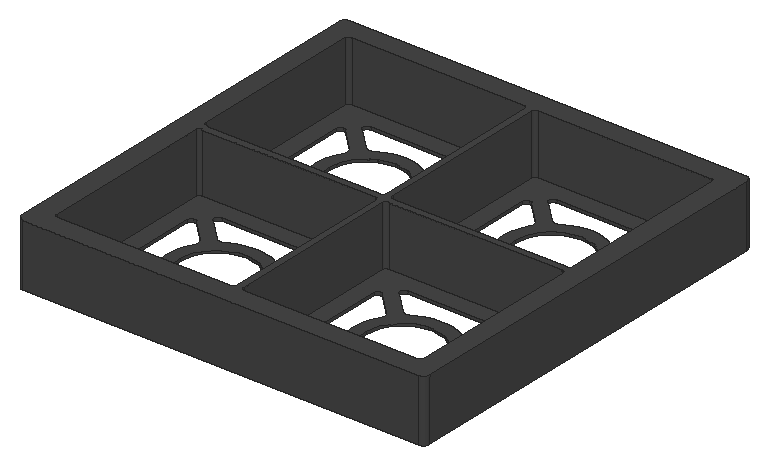
Revit family "ECORASTER Bloxx_without_blocks", category Allgemeines Modell, Revit 2016
Family settings
  Teiletyp = Normal
  Kann Basisbauteil für Bewehrung sein = Nein
  Bemaßung runder Anschluss = Durchmesser verwenden
  Arbeitsebenenbasiert = Nein
  Immer vertikal = Ja
  Beim Laden mit Abzugskörper schneiden = Nein
  Gemeinsam genutzt = Nein
  Raumberechnungspunkt = Nein
Parameters
  block_material = Mat_white
Reference planes
  plane 1 "Center (Front/Back)": y = 0
  plane 2: z = 0
  plane 3 "Center (Left/Right)": x = 0
Forms (mm)
  Extrusion 1, solid, material "Black", detail levels fine
    sketch origin (0, 0, 0) x (1, 0, 0) y (0, 1, 0)
      loop
        spline (-145.384, 148.384) -> (-145.776, 148.358) -> (-146.161, 148.282) -> (-146.532, 148.156) -> (-146.884, 147.982) -> (-147.211, 147.764) -> (-147.506, 147.506) -> (-147.764, 147.211) -> (-147.982, 146.884) -> (-148.156, 146.532) -> (-148.282, 146.161) -> (-148.358, 145.776) -> (-148.384, 145.384)
        line (-148.384, 145.384) -> (-148.384, 5.474)
        arc (-148.384, 5.474) -> (-147.505, 3.353) -> (-145.384, 2.474) r 3
        line (-145.384, 2.474) -> (-5.474, 2.474)
        arc (-5.474, 2.474) -> (-3.353, 3.353) -> (-2.474, 5.474) r 3
        line (-2.474, 5.474) -> (-2.474, 145.384)
        arc (-2.474, 145.384) -> (-3.353, 147.505) -> (-5.474, 148.384) r 3
        line (-5.474, 148.384) -> (-145.384, 148.384)
      loop
        line (145.384, 148.384) -> (5.474, 148.384)
        arc (5.474, 148.384) -> (3.353, 147.505) -> (2.474, 145.384) r 3
        line (2.474, 145.384) -> (2.474, 5.474)
        arc (2.474, 5.474) -> (3.353, 3.353) -> (5.474, 2.474) r 3
        line (5.474, 2.474) -> (145.384, 2.474)
        arc (145.384, 2.474) -> (147.505, 3.353) -> (148.384, 5.474) r 3
        line (148.384, 5.474) -> (148.384, 145.384)
        spline (148.384, 145.384) -> (148.358, 145.776) -> (148.282, 146.161) -> (148.156, 146.532) -> (147.982, 146.884) -> (147.764, 147.211) -> (147.506, 147.506) -> (147.211, 147.764) -> (146.884, 147.982) -> (146.532, 148.156) -> (146.161, 148.282) -> (145.776, 148.358) -> (145.384, 148.384)
      loop
        line (-145.384, -148.384) -> (-5.474, -148.384)
        arc (-5.474, -148.384) -> (-3.353, -147.505) -> (-2.474, -145.384) r 3
        line (-2.474, -145.384) -> (-2.474, -5.474)
        arc (-2.474, -5.474) -> (-3.353, -3.353) -> (-5.474, -2.474) r 3
        line (-5.474, -2.474) -> (-145.384, -2.474)
        arc (-145.384, -2.474) -> (-147.505, -3.353) -> (-148.384, -5.474) r 3
        line (-148.384, -5.474) -> (-148.384, -145.384)
        spline (-148.384, -145.384) -> (-148.358, -145.776) -> (-148.282, -146.161) -> (-148.156, -146.532) -> (-147.982, -146.884) -> (-147.764, -147.211) -> (-147.506, -147.506) -> (-147.211, -147.764) -> (-146.884, -147.982) -> (-146.532, -148.156) -> (-146.161, -148.282) -> (-145.776, -148.358) -> (-145.384, -148.384)
      loop
        spline (145.384, -148.384) -> (145.776, -148.358) -> (146.161, -148.282) -> (146.532, -148.156) -> (146.884, -147.982) -> (147.211, -147.764) -> (147.506, -147.506) -> (147.764, -147.211) -> (147.982, -146.884) -> (148.156, -146.532) -> (148.282, -146.161) -> (148.358, -145.776) -> (148.384, -145.384)
        line (148.384, -145.384) -> (148.384, -5.474)
        arc (148.384, -5.474) -> (147.505, -3.353) -> (145.384, -2.474) r 3
        line (145.384, -2.474) -> (5.474, -2.474)
        arc (5.474, -2.474) -> (3.353, -3.353) -> (2.474, -5.474) r 3
        line (2.474, -5.474) -> (2.474, -145.384)
        arc (2.474, -145.384) -> (3.353, -147.505) -> (5.474, -148.384) r 3
        line (5.474, -148.384) -> (145.384, -148.384)
      loop
        line (160, 165) -> (-160, 165)
        arc (-160, 165) -> (-163.536, 163.536) -> (-165, 160) r 5
        line (-165, 160) -> (-165, -160)
        arc (-165, -160) -> (-163.536, -163.536) -> (-160, -165) r 5
        line (-160, -165) -> (160, -165)
        arc (160, -165) -> (163.536, -163.536) -> (165, -160) r 5
        line (165, -160) -> (165, 160)
        arc (165, 160) -> (163.536, 163.536) -> (160, 165) r 5
    from 0 to 50
  Extrusion 2, solid, material "Black", detail levels fine
    sketch origin (0, 0, 0) x (1, 0, 0) y (0, 1, 0)
      loop
        arc (-54.55, 109.477) -> (-50.722, 108.655) -> (-47.202, 110.369) r 6
        line (-47.202, 110.369) -> (-30.523, 127.048)
        spline (-30.523, 127.048) -> (-30.081, 127.584) -> (-29.752, 128.191) -> (-29.548, 128.848) -> (-29.476, 129.529) -> (-29.54, 130.209) -> (-29.736, 130.861) -> (-30.058, 131.461) -> (-30.494, 131.986) -> (-31.026, 132.417) -> (-31.635, 132.737) -> (-32.297, 132.934) -> (-32.989, 133)
        line (-32.989, 133) -> (-117.511, 133)
        spline (-117.511, 133) -> (-118.203, 132.934) -> (-118.865, 132.737) -> (-119.474, 132.417) -> (-120.006, 131.986) -> (-120.442, 131.461) -> (-120.764, 130.861) -> (-120.96, 130.209) -> (-121.024, 129.529) -> (-120.952, 128.848) -> (-120.748, 128.191) -> (-120.419, 127.584) -> (-119.977, 127.048)
        line (-119.977, 127.048) -> (-103.298, 110.369)
        arc (-103.298, 110.369) -> (-99.778, 108.655) -> (-95.95, 109.477) r 6
        arc (-95.95, 109.477) -> (-75.25, 115.25) -> (-54.55, 109.477) r 40
      loop
        spline (-127.048, 119.977) -> (-127.584, 120.419) -> (-128.191, 120.748) -> (-128.848, 120.952) -> (-129.529, 121.024) -> (-130.209, 120.96) -> (-130.861, 120.764) -> (-131.461, 120.442) -> (-131.986, 120.006) -> (-132.417, 119.474) -> (-132.737, 118.865) -> (-132.934, 118.203) -> (-133, 117.511)
        line (-133, 117.511) -> (-133, 32.989)
        spline (-133, 32.989) -> (-132.934, 32.297) -> (-132.737, 31.635) -> (-132.417, 31.026) -> (-131.986, 30.494) -> (-131.461, 30.058) -> (-130.861, 29.736) -> (-130.209, 29.54) -> (-129.529, 29.476) -> (-128.848, 29.548) -> (-128.191, 29.752) -> (-127.584, 30.081) -> (-127.048, 30.523)
        line (-127.048, 30.523) -> (-110.369, 47.202)
        arc (-110.369, 47.202) -> (-108.655, 50.722) -> (-109.477, 54.55) r 6
        arc (-109.477, 54.55) -> (-115.25, 75.25) -> (-109.477, 95.95) r 40
        arc (-109.477, 95.95) -> (-108.655, 99.778) -> (-110.369, 103.298) r 6
        line (-110.369, 103.298) -> (-127.048, 119.977)
      loop
        circle (-75.25, 75.25) r 30
      loop
        spline (-115.843, 27.586) -> (-116.284, 27.051) -> (-116.614, 26.443) -> (-116.818, 25.786) -> (-116.89, 25.105) -> (-116.826, 24.426) -> (-116.63, 23.774) -> (-116.308, 23.174) -> (-115.872, 22.648) -> (-115.34, 22.217) -> (-114.731, 21.898) -> (-114.068, 21.701) -> (-113.377, 21.634)
        line (-113.377, 21.634) -> (-37.123, 21.634)
        spline (-37.123, 21.634) -> (-36.432, 21.701) -> (-35.769, 21.898) -> (-35.16, 22.217) -> (-34.628, 22.648) -> (-34.192, 23.174) -> (-33.87, 23.774) -> (-33.674, 24.426) -> (-33.61, 25.105) -> (-33.682, 25.786) -> (-33.886, 26.443) -> (-34.216, 27.051) -> (-34.657, 27.586)
        line (-34.657, 27.586) -> (-47.202, 40.131)
        arc (-47.202, 40.131) -> (-50.722, 41.845) -> (-54.55, 41.023) r 6
        arc (-54.55, 41.023) -> (-75.25, 35.25) -> (-95.95, 41.023) r 40
        arc (-95.95, 41.023) -> (-99.778, 41.845) -> (-103.298, 40.131) r 6
        line (-103.298, 40.131) -> (-115.843, 27.586)
      loop
        spline (-17.5, 117.511) -> (-17.566, 118.203) -> (-17.763, 118.865) -> (-18.083, 119.474) -> (-18.514, 120.006) -> (-19.039, 120.442) -> (-19.639, 120.764) -> (-20.291, 120.96) -> (-20.971, 121.024) -> (-21.652, 120.952) -> (-22.309, 120.748) -> (-22.916, 120.419) -> (-23.452, 119.977)
        line (-23.452, 119.977) -> (-40.131, 103.298)
        arc (-40.131, 103.298) -> (-41.845, 99.778) -> (-41.023, 95.95) r 6
        arc (-41.023, 95.95) -> (-35.25, 75.25) -> (-41.023, 54.55) r 40
        arc (-41.023, 54.55) -> (-41.845, 50.722) -> (-40.131, 47.202) r 6
        line (-40.131, 47.202) -> (-23.452, 30.523)
        spline (-23.452, 30.523) -> (-22.916, 30.081) -> (-22.309, 29.752) -> (-21.652, 29.548) -> (-20.971, 29.476) -> (-20.291, 29.54) -> (-19.639, 29.736) -> (-19.039, 30.058) -> (-18.514, 30.494) -> (-18.083, 31.026) -> (-17.763, 31.635) -> (-17.566, 32.297) -> (-17.5, 32.989)
        line (-17.5, 32.989) -> (-17.5, 117.511)
      loop
        spline (-145.384, 148.384) -> (-145.776, 148.358) -> (-146.161, 148.282) -> (-146.532, 148.156) -> (-146.884, 147.982) -> (-147.211, 147.764) -> (-147.506, 147.506) -> (-147.764, 147.211) -> (-147.982, 146.884) -> (-148.156, 146.532) -> (-148.282, 146.161) -> (-148.358, 145.776) -> (-148.384, 145.384)
        line (-148.384, 145.384) -> (-148.384, 5.474)
        arc (-148.384, 5.474) -> (-147.505, 3.353) -> (-145.384, 2.474) r 3
        line (-145.384, 2.474) -> (-5.474, 2.474)
        arc (-5.474, 2.474) -> (-3.353, 3.353) -> (-2.474, 5.474) r 3
        line (-2.474, 5.474) -> (-2.474, 145.384)
        arc (-2.474, 145.384) -> (-3.353, 147.505) -> (-5.474, 148.384) r 3
        line (-5.474, 148.384) -> (-145.384, 148.384)
      loop
        arc (-54.55, -109.477) -> (-75.25, -115.25) -> (-95.95, -109.477) r 40
        arc (-95.95, -109.477) -> (-99.778, -108.655) -> (-103.298, -110.369) r 6
        line (-103.298, -110.369) -> (-119.977, -127.048)
        spline (-119.977, -127.048) -> (-120.419, -127.584) -> (-120.748, -128.191) -> (-120.952, -128.848) -> (-121.024, -129.529) -> (-120.96, -130.209) -> (-120.764, -130.861) -> (-120.442, -131.461) -> (-120.006, -131.986) -> (-119.474, -132.417) -> (-118.865, -132.737) -> (-118.203, -132.934) -> (-117.511, -133)
        line (-117.511, -133) -> (-32.989, -133)
        spline (-32.989, -133) -> (-32.297, -132.934) -> (-31.635, -132.737) -> (-31.026, -132.417) -> (-30.494, -131.986) -> (-30.058, -131.461) -> (-29.736, -130.861) -> (-29.54, -130.209) -> (-29.476, -129.529) -> (-29.548, -128.848) -> (-29.752, -128.191) -> (-30.081, -127.584) -> (-30.523, -127.048)
        line (-30.523, -127.048) -> (-47.202, -110.369)
        arc (-47.202, -110.369) -> (-50.722, -108.655) -> (-54.55, -109.477) r 6
      loop
        line (-127.048, -119.977) -> (-110.369, -103.298)
        arc (-110.369, -103.298) -> (-108.655, -99.778) -> (-109.477, -95.95) r 6
        arc (-109.477, -95.95) -> (-115.25, -75.25) -> (-109.477, -54.55) r 40
        arc (-109.477, -54.55) -> (-108.655, -50.722) -> (-110.369, -47.202) r 6
        line (-110.369, -47.202) -> (-127.048, -30.523)
        spline (-127.048, -30.523) -> (-127.584, -30.081) -> (-128.191, -29.752) -> (-128.848, -29.548) -> (-129.529, -29.476) -> (-130.209, -29.54) -> (-130.861, -29.736) -> (-131.461, -30.058) -> (-131.986, -30.494) -> (-132.417, -31.026) -> (-132.737, -31.635) -> (-132.934, -32.297) -> (-133, -32.989)
        line (-133, -32.989) -> (-133, -117.511)
        spline (-133, -117.511) -> (-132.934, -118.203) -> (-132.737, -118.865) -> (-132.417, -119.474) -> (-131.986, -120.006) -> (-131.461, -120.442) -> (-130.861, -120.764) -> (-130.209, -120.96) -> (-129.529, -121.024) -> (-128.848, -120.952) -> (-128.191, -120.748) -> (-127.584, -120.419) -> (-127.048, -119.977)
      loop
        circle (-75.25, -75.25) r 30
      loop
        line (-119.977, -23.452) -> (-103.298, -40.131)
        arc (-103.298, -40.131) -> (-99.778, -41.845) -> (-95.95, -41.023) r 6
        arc (-95.95, -41.023) -> (-75.25, -35.25) -> (-54.55, -41.023) r 40
        arc (-54.55, -41.023) -> (-50.722, -41.845) -> (-47.202, -40.131) r 6
        line (-47.202, -40.131) -> (-30.523, -23.452)
        spline (-30.523, -23.452) -> (-30.081, -22.916) -> (-29.752, -22.309) -> (-29.548, -21.652) -> (-29.476, -20.971) -> (-29.54, -20.291) -> (-29.736, -19.639) -> (-30.058, -19.039) -> (-30.494, -18.514) -> (-31.026, -18.083) -> (-31.635, -17.763) -> (-32.297, -17.566) -> (-32.989, -17.5)
        line (-32.989, -17.5) -> (-117.511, -17.5)
        spline (-117.511, -17.5) -> (-118.203, -17.566) -> (-118.865, -17.763) -> (-119.474, -18.083) -> (-120.006, -18.514) -> (-120.442, -19.039) -> (-120.764, -19.639) -> (-120.96, -20.291) -> (-121.024, -20.971) -> (-120.952, -21.652) -> (-120.748, -22.309) -> (-120.419, -22.916) -> (-119.977, -23.452)
      loop
        line (-17.5, -117.511) -> (-17.5, -32.989)
        spline (-17.5, -32.989) -> (-17.566, -32.297) -> (-17.763, -31.635) -> (-18.083, -31.026) -> (-18.514, -30.494) -> (-19.039, -30.058) -> (-19.639, -29.736) -> (-20.291, -29.54) -> (-20.971, -29.476) -> (-21.652, -29.548) -> (-22.309, -29.752) -> (-22.916, -30.081) -> (-23.452, -30.523)
        line (-23.452, -30.523) -> (-40.131, -47.202)
        arc (-40.131, -47.202) -> (-41.845, -50.722) -> (-41.023, -54.55) r 6
        arc (-41.023, -54.55) -> (-35.25, -75.25) -> (-41.023, -95.95) r 40
        arc (-41.023, -95.95) -> (-41.845, -99.778) -> (-40.131, -103.298) r 6
        line (-40.131, -103.298) -> (-23.452, -119.977)
        spline (-23.452, -119.977) -> (-22.916, -120.419) -> (-22.309, -120.748) -> (-21.652, -120.952) -> (-20.971, -121.024) -> (-20.291, -120.96) -> (-19.639, -120.764) -> (-19.039, -120.442) -> (-18.514, -120.006) -> (-18.083, -119.474) -> (-17.763, -118.865) -> (-17.566, -118.203) -> (-17.5, -117.511)
      loop
        line (-145.384, -148.384) -> (-5.474, -148.384)
        arc (-5.474, -148.384) -> (-3.353, -147.505) -> (-2.474, -145.384) r 3
        line (-2.474, -145.384) -> (-2.474, -5.474)
        arc (-2.474, -5.474) -> (-3.353, -3.353) -> (-5.474, -2.474) r 3
        line (-5.474, -2.474) -> (-145.384, -2.474)
        arc (-145.384, -2.474) -> (-147.505, -3.353) -> (-148.384, -5.474) r 3
        line (-148.384, -5.474) -> (-148.384, -145.384)
        spline (-148.384, -145.384) -> (-148.358, -145.776) -> (-148.282, -146.161) -> (-148.156, -146.532) -> (-147.982, -146.884) -> (-147.764, -147.211) -> (-147.506, -147.506) -> (-147.211, -147.764) -> (-146.884, -147.982) -> (-146.532, -148.156) -> (-146.161, -148.282) -> (-145.776, -148.358) -> (-145.384, -148.384)
      loop
        arc (54.55, 109.477) -> (75.25, 115.25) -> (95.95, 109.477) r 40
        arc (95.95, 109.477) -> (99.778, 108.655) -> (103.298, 110.369) r 6
        line (103.298, 110.369) -> (119.977, 127.048)
        spline (119.977, 127.048) -> (120.419, 127.584) -> (120.748, 128.191) -> (120.952, 128.848) -> (121.024, 129.529) -> (120.96, 130.209) -> (120.764, 130.861) -> (120.442, 131.461) -> (120.006, 131.986) -> (119.474, 132.417) -> (118.865, 132.737) -> (118.203, 132.934) -> (117.511, 133)
        line (117.511, 133) -> (32.989, 133)
        spline (32.989, 133) -> (32.297, 132.934) -> (31.635, 132.737) -> (31.026, 132.417) -> (30.494, 131.986) -> (30.058, 131.461) -> (29.736, 130.861) -> (29.54, 130.209) -> (29.476, 129.529) -> (29.548, 128.848) -> (29.752, 128.191) -> (30.081, 127.584) -> (30.523, 127.048)
        line (30.523, 127.048) -> (47.202, 110.369)
        arc (47.202, 110.369) -> (50.722, 108.655) -> (54.55, 109.477) r 6
      loop
        line (127.048, 119.977) -> (110.369, 103.298)
        arc (110.369, 103.298) -> (108.655, 99.778) -> (109.477, 95.95) r 6
        arc (109.477, 95.95) -> (115.25, 75.25) -> (109.477, 54.55) r 40
        arc (109.477, 54.55) -> (108.655, 50.722) -> (110.369, 47.202) r 6
        line (110.369, 47.202) -> (127.048, 30.523)
        spline (127.048, 30.523) -> (127.584, 30.081) -> (128.191, 29.752) -> (128.848, 29.548) -> (129.529, 29.476) -> (130.209, 29.54) -> (130.861, 29.736) -> (131.461, 30.058) -> (131.986, 30.494) -> (132.417, 31.026) -> (132.737, 31.635) -> (132.934, 32.297) -> (133, 32.989)
        line (133, 32.989) -> (133, 117.511)
        spline (133, 117.511) -> (132.934, 118.203) -> (132.737, 118.865) -> (132.417, 119.474) -> (131.986, 120.006) -> (131.461, 120.442) -> (130.861, 120.764) -> (130.209, 120.96) -> (129.529, 121.024) -> (128.848, 120.952) -> (128.191, 120.748) -> (127.584, 120.419) -> (127.048, 119.977)
      loop
        circle (75.25, 75.25) r 30
      loop
        line (119.977, 23.452) -> (103.298, 40.131)
        arc (103.298, 40.131) -> (99.778, 41.845) -> (95.95, 41.023) r 6
        arc (95.95, 41.023) -> (75.25, 35.25) -> (54.55, 41.023) r 40
        arc (54.55, 41.023) -> (50.722, 41.845) -> (47.202, 40.131) r 6
        line (47.202, 40.131) -> (30.523, 23.452)
        spline (30.523, 23.452) -> (30.081, 22.916) -> (29.752, 22.309) -> (29.548, 21.652) -> (29.476, 20.971) -> (29.54, 20.291) -> (29.736, 19.639) -> (30.058, 19.039) -> (30.494, 18.514) -> (31.026, 18.083) -> (31.635, 17.763) -> (32.297, 17.566) -> (32.989, 17.5)
        line (32.989, 17.5) -> (117.511, 17.5)
        spline (117.511, 17.5) -> (118.203, 17.566) -> (118.865, 17.763) -> (119.474, 18.083) -> (120.006, 18.514) -> (120.442, 19.039) -> (120.764, 19.639) -> (120.96, 20.291) -> (121.024, 20.971) -> (120.952, 21.652) -> (120.748, 22.309) -> (120.419, 22.916) -> (119.977, 23.452)
      loop
        line (17.5, 117.511) -> (17.5, 32.989)
        spline (17.5, 32.989) -> (17.566, 32.297) -> (17.763, 31.635) -> (18.083, 31.026) -> (18.514, 30.494) -> (19.039, 30.058) -> (19.639, 29.736) -> (20.291, 29.54) -> (20.971, 29.476) -> (21.652, 29.548) -> (22.309, 29.752) -> (22.916, 30.081) -> (23.452, 30.523)
        line (23.452, 30.523) -> (40.131, 47.202)
        arc (40.131, 47.202) -> (41.845, 50.722) -> (41.023, 54.55) r 6
        arc (41.023, 54.55) -> (35.25, 75.25) -> (41.023, 95.95) r 40
        arc (41.023, 95.95) -> (41.845, 99.778) -> (40.131, 103.298) r 6
        line (40.131, 103.298) -> (23.452, 119.977)
        spline (23.452, 119.977) -> (22.916, 120.419) -> (22.309, 120.748) -> (21.652, 120.952) -> (20.971, 121.024) -> (20.291, 120.96) -> (19.639, 120.764) -> (19.039, 120.442) -> (18.514, 120.006) -> (18.083, 119.474) -> (17.763, 118.865) -> (17.566, 118.203) -> (17.5, 117.511)
      loop
        line (145.384, 148.384) -> (5.474, 148.384)
        arc (5.474, 148.384) -> (3.353, 147.505) -> (2.474, 145.384) r 3
        line (2.474, 145.384) -> (2.474, 5.474)
        arc (2.474, 5.474) -> (3.353, 3.353) -> (5.474, 2.474) r 3
        line (5.474, 2.474) -> (145.384, 2.474)
        arc (145.384, 2.474) -> (147.505, 3.353) -> (148.384, 5.474) r 3
        line (148.384, 5.474) -> (148.384, 145.384)
        spline (148.384, 145.384) -> (148.358, 145.776) -> (148.282, 146.161) -> (148.156, 146.532) -> (147.982, 146.884) -> (147.764, 147.211) -> (147.506, 147.506) -> (147.211, 147.764) -> (146.884, 147.982) -> (146.532, 148.156) -> (146.161, 148.282) -> (145.776, 148.358) -> (145.384, 148.384)
      loop
        arc (54.55, -109.477) -> (50.722, -108.655) -> (47.202, -110.369) r 6
        line (47.202, -110.369) -> (30.523, -127.048)
        spline (30.523, -127.048) -> (30.081, -127.584) -> (29.752, -128.191) -> (29.548, -128.848) -> (29.476, -129.529) -> (29.54, -130.209) -> (29.736, -130.861) -> (30.058, -131.461) -> (30.494, -131.986) -> (31.026, -132.417) -> (31.635, -132.737) -> (32.297, -132.934) -> (32.989, -133)
        line (32.989, -133) -> (117.511, -133)
        spline (117.511, -133) -> (118.203, -132.934) -> (118.865, -132.737) -> (119.474, -132.417) -> (120.006, -131.986) -> (120.442, -131.461) -> (120.764, -130.861) -> (120.96, -130.209) -> (121.024, -129.529) -> (120.952, -128.848) -> (120.748, -128.191) -> (120.419, -127.584) -> (119.977, -127.048)
        line (119.977, -127.048) -> (103.298, -110.369)
        arc (103.298, -110.369) -> (99.778, -108.655) -> (95.95, -109.477) r 6
        arc (95.95, -109.477) -> (75.25, -115.25) -> (54.55, -109.477) r 40
      loop
        spline (127.048, -119.977) -> (127.584, -120.419) -> (128.191, -120.748) -> (128.848, -120.952) -> (129.529, -121.024) -> (130.209, -120.96) -> (130.861, -120.764) -> (131.461, -120.442) -> (131.986, -120.006) -> (132.417, -119.474) -> (132.737, -118.865) -> (132.934, -118.203) -> (133, -117.511)
        line (133, -117.511) -> (133, -32.989)
        spline (133, -32.989) -> (132.934, -32.297) -> (132.737, -31.635) -> (132.417, -31.026) -> (131.986, -30.494) -> (131.461, -30.058) -> (130.861, -29.736) -> (130.209, -29.54) -> (129.529, -29.476) -> (128.848, -29.548) -> (128.191, -29.752) -> (127.584, -30.081) -> (127.048, -30.523)
        line (127.048, -30.523) -> (110.369, -47.202)
        arc (110.369, -47.202) -> (108.655, -50.722) -> (109.477, -54.55) r 6
        arc (109.477, -54.55) -> (115.25, -75.25) -> (109.477, -95.95) r 40
        arc (109.477, -95.95) -> (108.655, -99.778) -> (110.369, -103.298) r 6
        line (110.369, -103.298) -> (127.048, -119.977)
      loop
        circle (75.25, -75.25) r 30
      loop
        spline (119.977, -23.452) -> (120.419, -22.916) -> (120.748, -22.309) -> (120.952, -21.652) -> (121.024, -20.971) -> (120.96, -20.291) -> (120.764, -19.639) -> (120.442, -19.039) -> (120.006, -18.514) -> (119.474, -18.083) -> (118.865, -17.763) -> (118.203, -17.566) -> (117.511, -17.5)
        line (117.511, -17.5) -> (32.989, -17.5)
        spline (32.989, -17.5) -> (32.297, -17.566) -> (31.635, -17.763) -> (31.026, -18.083) -> (30.494, -18.514) -> (30.058, -19.039) -> (29.736, -19.639) -> (29.54, -20.291) -> (29.476, -20.971) -> (29.548, -21.652) -> (29.752, -22.309) -> (30.081, -22.916) -> (30.523, -23.452)
        line (30.523, -23.452) -> (47.202, -40.131)
        arc (47.202, -40.131) -> (50.722, -41.845) -> (54.55, -41.023) r 6
        arc (54.55, -41.023) -> (75.25, -35.25) -> (95.95, -41.023) r 40
        arc (95.95, -41.023) -> (99.778, -41.845) -> (103.298, -40.131) r 6
        line (103.298, -40.131) -> (119.977, -23.452)
      loop
        spline (17.5, -117.511) -> (17.566, -118.203) -> (17.763, -118.865) -> (18.083, -119.474) -> (18.514, -120.006) -> (19.039, -120.442) -> (19.639, -120.764) -> (20.291, -120.96) -> (20.971, -121.024) -> (21.652, -120.952) -> (22.309, -120.748) -> (22.916, -120.419) -> (23.452, -119.977)
        line (23.452, -119.977) -> (40.131, -103.298)
        arc (40.131, -103.298) -> (41.845, -99.778) -> (41.023, -95.95) r 6
        arc (41.023, -95.95) -> (35.25, -75.25) -> (41.023, -54.55) r 40
        arc (41.023, -54.55) -> (41.845, -50.722) -> (40.131, -47.202) r 6
        line (40.131, -47.202) -> (23.452, -30.523)
        spline (23.452, -30.523) -> (22.916, -30.081) -> (22.309, -29.752) -> (21.652, -29.548) -> (20.971, -29.476) -> (20.291, -29.54) -> (19.639, -29.736) -> (19.039, -30.058) -> (18.514, -30.494) -> (18.083, -31.026) -> (17.763, -31.635) -> (17.566, -32.297) -> (17.5, -32.989)
        line (17.5, -32.989) -> (17.5, -117.511)
      loop
        spline (145.384, -148.384) -> (145.776, -148.358) -> (146.161, -148.282) -> (146.532, -148.156) -> (146.884, -147.982) -> (147.211, -147.764) -> (147.506, -147.506) -> (147.764, -147.211) -> (147.982, -146.884) -> (148.156, -146.532) -> (148.282, -146.161) -> (148.358, -145.776) -> (148.384, -145.384)
        line (148.384, -145.384) -> (148.384, -5.474)
        arc (148.384, -5.474) -> (147.505, -3.353) -> (145.384, -2.474) r 3
        line (145.384, -2.474) -> (5.474, -2.474)
        arc (5.474, -2.474) -> (3.353, -3.353) -> (2.474, -5.474) r 3
        line (2.474, -5.474) -> (2.474, -145.384)
        arc (2.474, -145.384) -> (3.353, -147.505) -> (5.474, -148.384) r 3
        line (5.474, -148.384) -> (145.384, -148.384)
    from 0 to 2
  Extrusion 3, solid, material "Black", detail levels coarse+medium
    sketch origin (2.355, -362.355, 0) x (1, 0, 0) y (0, 1, 0)
      loop
        line (-167.355, 527.355) -> (-167.355, 197.355) -> (162.645, 197.355) -> (162.645, 527.355) -> (-167.355, 527.355)
    from 0 to 50
